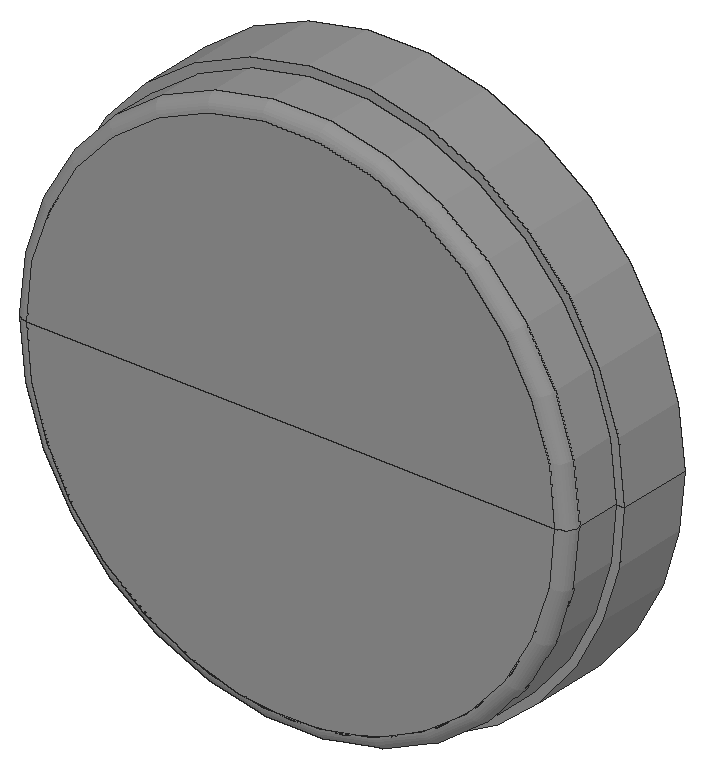
Revit family "IVLB_PML_LF_Dura 270mm WM_Plastic", category Lighting Fixtures, Revit 2019 (continued)
Types (4, lengths in mm): name | Wattage | Type Comments | built-in parameter 1150134 | Photometric Web File | built-in parameter 1150142 | built-in parameter 1150105 | Lumens | built-in parameter 1150107 | built-in parameter 1150106
  Dura-S Ø270 IP64 IK10 4-9W 450-1100lm 3000K-3500K-4000K 3-CCT | 7.40531 W | "" | 12 | "Dura-S Ø270 IP64 IK10 4-9W 450-1100lm 3000K-3500K-4000K 3-CCT.ies" | "IESNA91\r\n[MANUFAC]  Pragmalux\r\n[LUMINAIRE] LED Plafonnière Wandarmatuur Dura-S Wit Ø270 IP64 IK10 4-9W 450-1100lm 3000K-3500K-4000K 3-CCT\r\n[LAMP] 1x(LED 9W 1050lm 3000K) or 1x(LED 9W 1100lm 3500K) or 1x(LED 9W 1100lm 4000K) or 1x(LED 7W 800lm 3000K) or 1x(LED 7W 850lm 3500K) or 1x(LED 7W 850lm 4000K) or 1x(LED 6W 650lm 3000K) or 1x(LED 6W 700lm 3500K) or 1x(LED 6W 700lm 4000K) or 1x(LED 4W 450lm 3000K) or 1x(LED 4W 500lm 3500K) or 1x(LED 4W 500lm 4000K)\r\n[_CHANGED] file converted from LDT by IES Viewer 3.6 (C) Andrey Legotin\r\nTILT=NONE\r\n1 1050 1.05 181 5 1 2 0 -0.27 0\r\n1 1 9\r\n0 1 2 3 4 5 6 7 8 9 10 11 12 13 14 15 16 17 18 19 20 21 22 23 24 25 26 27 28 \r\n29 30 31 32 33 34 35 36 37 38 39 40 41 42 43 44 45 46 47 48 49 50 51 52 53 54 \r\n55 56 57 58 59 60 61 62 63 64 65 66 67 68 69 70 71 72 73 74 75 76 77 78 79 80 \r\n81 82 83 84 85 86 87 88 89 90 91 92 93 94 95 96 97 98 99 100 101 102 103 104 \r\n105 106 107 108 109 110 111 112 113 114 115 116 117 118 119 120 121 122 123 \r\n124 125 126 127 128 129 130 131 132 133 134 135 136 137 138 139 140 141 142 \r\n143 144 145 146 147 148 149 150 151 152 153 154 155 156 157 158 159 160 161 \r\n162 163 164 165 166 167 168 169 170 171 172 173 174 175 176 177 178 179 180 \r\n0 22.5 45 67.5 90 \r\n295.3 295.4 295.3 295.4 295 294.6 294.2 293.8 293.1 292.5 291.9 290.9 290.1 \r\n289.3 288.2 287 285.8 284.4 283.1 281.6 279.9 278.4 276.5 274.8 272.9 270.8 \r\n268.7 266.6 264.4 261.9 259.5 257.1 254.4 251.8 249 246.2 243.4 240.3 237.3 \r\n234 230.9 227.5 224.2 220.7 217 213.5 209.8 206 202.3 198.3 194.4 190.3 186.3 \r\n182.2 178 173.9 169.7 165.2 160.9 156.3 151.7 147.1 142.5 137.8 133.1 128.3 \r\n123.5 118.6 113.7 108.9 104 99.09 94.31 89.38 84.54 79.78 74.96 70.21 65.64 \r\n60.99 56.65 52.24 47.94 43.84 39.72 35.8 32.33 29.23 26.57 24.14 20.8 17.18 \r\n13.52 9.69 6.07 3.08 1.19 0.46 0.42 0.5 1.38 2.92 5.29 7.96 10.6 13.13 15.25 \r\n16.85 17.87 18.13 18.09 18.13 18.01 17.84 17.63 17.39 17.18 16.97 16.8 16.59 \r\n16.43 16.18 15.96 15.76 15.47 15.26 15.01 14.76 14.47 14.18 13.96 13.72 13.47 \r\n13.18 12.92 12.6 12.3 11.97 11.76 11.47 11.17 10.84 10.51 10.18 9.8 9.51 9.14 \r\n8.8 8.46 8.1 7.59 6.92 6.13 5.47 5.09 4.84 4.71 4.71 4.75 4.71 4.27 3.85 3.42 \r\n3.09 2.84 2.63 2.38 2.09 1.8 1.51 1.3 1.29 1.25 1.25 1.29 1.17 1.09 1.04 1.04 \r\n1.04 1.04 \r\n295.3 295.4 295.3 295.2 295 294.7 294.2 293.7 293.2 292.4 291.8 291 290 289.2 \r\n288 287.1 285.7 284.5 283.1 281.5 280.1 278.4 276.6 274.8 272.9 271 268.9 \r\n266.7 264.4 262.1 259.7 257.2 254.6 251.8 249.1 246.2 243.3 240.4 237.3 234 \r\n230.9 227.6 224.2 220.8 217.2 213.6 210 206.2 202.5 198.5 194.6 190.4 186.3 \r\n182.3 178.1 173.9 169.8 165.5 160.9 156.5 152 147.3 142.7 138 133.3 128.4 \r\n123.6 118.8 114 109.1 104.1 99.29 94.45 89.59 84.83 79.91 75.24 70.49 65.87 \r\n61.37 56.89 52.6 48.27 44.1 39.95 35.98 32.51 29.4 26.59 24.2 21.15 17.65 \r\n13.91 9.8 5.92 2.9 1.05 1.11 1.16 1.22 1.27 1.32 3 5.08 7.32 9.66 11.71 13.19 \r\n13.85 14.01 14.06 14.06 14.06 14.07 14.07 14.07 14.08 14.08 14.08 14.09 14.09 \r\n14.09 14.1 14.1 13.93 13.81 13.68 13.47 13.31 13.09 12.89 12.72 12.55 12.34 \r\n12.1 11.89 11.63 11.35 11.13 10.84 10.59 10.34 10.09 9.8 9.54 9.25 9 8.66 \r\n8.34 7.84 7.16 6.42 5.82 5.49 5.23 5.06 5.1 5.06 5.06 4.7 4.35 4.07 3.81 3.52 \r\n3.27 3.1 2.89 2.68 2.35 2.02 1.88 1.88 1.63 1.22 1.01 1 1 1 1 1 1 \r\n295.3 295.4 295.4 295.2 294.9 294.7 294.3 293.7 293.1 292.5 291.7 291 290 \r\n289.2 288.2 287 285.8 284.6 283.2 281.6 280 278.6 276.7 274.9 272.9 271 269 \r\n266.7 264.5 262.1 259.7 257.3 254.7 251.9 249.3 246.4 243.4 240.5 237.2 234.4 \r\n230.9 227.7 224.4 220.9 217.2 213.8 210 206.2 202.5 198.5 194.7 190.5 186.5 \r\n182.5 178.3 174.2 170 165.6 161.2 156.6 152.1 147.4 142.9 138.1 133.3 128.7 \r\n123.7 119.1 114.1 109.2 104.2 99.53 94.64 89.68 84.85 80 75.35 70.57 65.93 \r\n61.38 56.9 52.6 48.21 44.08 39.87 35.82 32.26 29 26.12 23.53 21.1 17.5 12.56 \r\n7.11 2.92 0.97 0.75 1.99 3.1 3.87 4.59 5.12 5.47 5.89 6.09 6.18 6.18 6.22 \r\n6.35 6.56 6.76 7.06 7.3 7.56 7.73 7.97 8.06 8.19 8.35 8.52 8.59 8.65 8.72 \r\n8.79 8.85 8.94 8.98 8.96 8.93 8.91 8.88 8.86 8.83 8.81 8.78 8.76 8.73 8.61 \r\n8.48 8.36 8.27 8.07 7.9 7.65 7.19 6.69 6.24 6.06 5.89 5.81 5.75 5.69 5.62 \r\n5.56 5.5 5.44 5.1 4.8 4.52 4.18 3.93 3.72 3.51 3.31 3.1 2.93 2.72 2.55 2.46 \r\n2.26 2.01 1.84 1.76 1.46 1.09 0.96 0.96 0.96 0.96 0.96 0.96 \r\n295.3 295.2 295.3 295.3 295 294.6 294.2 293.8 293.1 292.5 291.7 291 290.2 \r\n289.3 288.2 287.1 286 284.5 283.2 281.7 280.1 278.4 276.9 274.8 273 271 269 \r\n266.7 264.5 262.1 259.6 257.2 254.4 252 249.1 246.5 243.4 240.4 237.2 234 \r\n230.9 227.5 224.2 220.8 217.1 213.6 209.8 206.2 202.4 198.5 194.5 190.4 186.4 \r\n182.4 178.1 174 169.7 165.4 160.8 156.5 151.8 147.2 142.6 137.8 133.1 128.2 \r\n123.5 118.7 113.8 108.9 104 99.22 94.3 89.47 84.57 79.7 75 70.21 65.64 60.97 \r\n56.57 52.14 47.89 43.7 39.52 35.49 31.7 28.35 25.42 22.82 20.35 15.44 6.69 \r\n0.88 0.55 2.56 7.37 9.33 9.48 8.91 8.12 7.38 6.75 6.24 5.78 5.41 5.08 4.75 \r\n4.45 4.16 3.95 3.71 3.54 3.45 3.45 3.48 3.52 3.55 3.58 3.62 3.83 3.95 4.07 \r\n4.28 4.45 4.61 4.7 4.78 4.8 4.81 4.83 4.85 4.86 4.88 4.89 4.91 4.93 4.94 5.24 \r\n5.32 5.26 5.19 5.12 5.06 4.99 4.92 4.86 4.79 4.2 3.75 3.66 3.54 3.37 3.36 \r\n3.35 3.34 3.32 3.31 3.3 3.29 3.16 3 2.95 2.83 2.75 2.66 2.5 2.29 2.04 1.88 \r\n1.71 1.5 1.25 1.05 0.96 0.96 0.96 0.96 0.96 0.96 0.96 \r\n295.3 295.3 295.3 295.3 295 294.7 294.3 293.8 293.2 292.4 291.9 291.2 290.2 \r\n289.3 288.1 287.1 285.9 284.5 283.3 281.8 280.2 278.5 276.7 275 273.1 270.9 \r\n269.1 266.7 264.4 262.2 259.7 257.2 254.6 252 249.2 246.4 243.5 240.4 237.3 \r\n234.3 230.9 227.6 224.2 220.7 217.3 213.6 209.8 206.2 202.4 198.4 194.6 190.5 \r\n186.4 182.3 178.2 174.1 169.7 165.3 160.9 156.4 151.8 147.1 142.6 137.9 133 \r\n128.3 123.5 118.6 113.7 108.8 103.8 99.12 94.1 89.24 84.33 79.46 74.78 69.96 \r\n65.23 60.72 56.28 51.92 47.53 43.29 39.16 35.11 31.37 28 25.06 22.51 20.37 \r\n15.14 5.53 0.55 0.46 2.14 9.15 12.35 11.89 11.06 10.21 9.36 8.52 7.75 7.04 \r\n6.4 5.75 5.16 4.55 3.96 3.41 2.91 2.46 2.04 1.59 1.33 1.29 1.21 1.04 0.96 \r\n0.92 0.87 0.83 0.79 0.75 0.79 1.2 1.57 1.79 1.95 1.99 2 2.04 2.08 2.33 2.53 \r\n2.49 2.45 2.41 2.37 2.33 1.88 1.3 1.16 1.16 1.45 1.9 2.48 2.74 2.72 2.7 2.68 \r\n2.66 2.64 2.62 2.54 2.41 2.33 2.21 2.04 1.87 1.79 1.67 1.58 1.5 1.33 1.29 \r\n1.17 1.12 1.12 1.04 1.08 1.04 1 1 0.96 0.96 0.96 0.96 0.96 0.96 \r\n" | 309.47 (stored number, unit not read) | 1100 lm | 4000 (stored number, unit not read) | 3.0947 (stored number, unit not read)
  Dura-S Ø270 IP64 IK10 9W 2200K-2700K 2-CCT DALI | 5.55399 W | "DALI" | (empty or 0) | "Dura-S Ø270 IP64 IK10 9W 2200K-2700K 2-CCT DALI.ies" | "IESNA91\r\n[MANUFAC]  Pragmalux\r\n[LUMINAIRE] LED Plafonnière Wandarmatuur Dura-S Wit Ø270 IP64 IK10 9W 2200K-2700K 2-CCT DALI\r\n[LAMP] 1x(LED 9W 825lm 2200K) or 1x(LED 9W 1000lm 2700K)\r\n[_CHANGED] file converted from LDT by IES Viewer 3.6 (C) Andrey Legotin\r\nTILT=NONE\r\n1 825 0.825 181 5 1 2 0 -0.27 0\r\n1 1 9\r\n0 1 2 3 4 5 6 7 8 9 10 11 12 13 14 15 16 17 18 19 20 21 22 23 24 25 26 27 28 \r\n29 30 31 32 33 34 35 36 37 38 39 40 41 42 43 44 45 46 47 48 49 50 51 52 53 54 \r\n55 56 57 58 59 60 61 62 63 64 65 66 67 68 69 70 71 72 73 74 75 76 77 78 79 80 \r\n81 82 83 84 85 86 87 88 89 90 91 92 93 94 95 96 97 98 99 100 101 102 103 104 \r\n105 106 107 108 109 110 111 112 113 114 115 116 117 118 119 120 121 122 123 \r\n124 125 126 127 128 129 130 131 132 133 134 135 136 137 138 139 140 141 142 \r\n143 144 145 146 147 148 149 150 151 152 153 154 155 156 157 158 159 160 161 \r\n162 163 164 165 166 167 168 169 170 171 172 173 174 175 176 177 178 179 180 \r\n0 22.5 45 67.5 90 \r\n295.3 295.4 295.3 295.4 295 294.6 294.2 293.8 293.1 292.5 291.9 290.9 290.1 \r\n289.3 288.2 287 285.8 284.4 283.1 281.6 279.9 278.4 276.5 274.8 272.9 270.8 \r\n268.7 266.6 264.4 261.9 259.5 257.1 254.4 251.8 249 246.2 243.4 240.3 237.3 \r\n234 230.9 227.5 224.2 220.7 217 213.5 209.8 206 202.3 198.3 194.4 190.3 186.3 \r\n182.2 178 173.9 169.7 165.2 160.9 156.3 151.7 147.1 142.5 137.8 133.1 128.3 \r\n123.5 118.6 113.7 108.9 104 99.09 94.31 89.38 84.54 79.78 74.96 70.21 65.64 \r\n60.99 56.65 52.24 47.94 43.84 39.72 35.8 32.33 29.23 26.57 24.14 20.8 17.18 \r\n13.52 9.69 6.07 3.08 1.19 0.46 0.42 0.5 1.38 2.92 5.29 7.96 10.6 13.13 15.25 \r\n16.85 17.87 18.13 18.09 18.13 18.01 17.84 17.63 17.39 17.18 16.97 16.8 16.59 \r\n16.43 16.18 15.96 15.76 15.47 15.26 15.01 14.76 14.47 14.18 13.96 13.72 13.47 \r\n13.18 12.92 12.6 12.3 11.97 11.76 11.47 11.17 10.84 10.51 10.18 9.8 9.51 9.14 \r\n8.8 8.46 8.1 7.59 6.92 6.13 5.47 5.09 4.84 4.71 4.71 4.75 4.71 4.27 3.85 3.42 \r\n3.09 2.84 2.63 2.38 2.09 1.8 1.51 1.3 1.29 1.25 1.25 1.29 1.17 1.09 1.04 1.04 \r\n1.04 1.04 \r\n295.3 295.4 295.3 295.2 295 294.7 294.2 293.7 293.2 292.4 291.8 291 290 289.2 \r\n288 287.1 285.7 284.5 283.1 281.5 280.1 278.4 276.6 274.8 272.9 271 268.9 \r\n266.7 264.4 262.1 259.7 257.2 254.6 251.8 249.1 246.2 243.3 240.4 237.3 234 \r\n230.9 227.6 224.2 220.8 217.2 213.6 210 206.2 202.5 198.5 194.6 190.4 186.3 \r\n182.3 178.1 173.9 169.8 165.5 160.9 156.5 152 147.3 142.7 138 133.3 128.4 \r\n123.6 118.8 114 109.1 104.1 99.29 94.45 89.59 84.83 79.91 75.24 70.49 65.87 \r\n61.37 56.89 52.6 48.27 44.1 39.95 35.98 32.51 29.4 26.59 24.2 21.15 17.65 \r\n13.91 9.8 5.92 2.9 1.05 1.11 1.16 1.22 1.27 1.32 3 5.08 7.32 9.66 11.71 13.19 \r\n13.85 14.01 14.06 14.06 14.06 14.07 14.07 14.07 14.08 14.08 14.08 14.09 14.09 \r\n14.09 14.1 14.1 13.93 13.81 13.68 13.47 13.31 13.09 12.89 12.72 12.55 12.34 \r\n12.1 11.89 11.63 11.35 11.13 10.84 10.59 10.34 10.09 9.8 9.54 9.25 9 8.66 \r\n8.34 7.84 7.16 6.42 5.82 5.49 5.23 5.06 5.1 5.06 5.06 4.7 4.35 4.07 3.81 3.52 \r\n3.27 3.1 2.89 2.68 2.35 2.02 1.88 1.88 1.63 1.22 1.01 1 1 1 1 1 1 \r\n295.3 295.4 295.4 295.2 294.9 294.7 294.3 293.7 293.1 292.5 291.7 291 290 \r\n289.2 288.2 287 285.8 284.6 283.2 281.6 280 278.6 276.7 274.9 272.9 271 269 \r\n266.7 264.5 262.1 259.7 257.3 254.7 251.9 249.3 246.4 243.4 240.5 237.2 234.4 \r\n230.9 227.7 224.4 220.9 217.2 213.8 210 206.2 202.5 198.5 194.7 190.5 186.5 \r\n182.5 178.3 174.2 170 165.6 161.2 156.6 152.1 147.4 142.9 138.1 133.3 128.7 \r\n123.7 119.1 114.1 109.2 104.2 99.53 94.64 89.68 84.85 80 75.35 70.57 65.93 \r\n61.38 56.9 52.6 48.21 44.08 39.87 35.82 32.26 29 26.12 23.53 21.1 17.5 12.56 \r\n7.11 2.92 0.97 0.75 1.99 3.1 3.87 4.59 5.12 5.47 5.89 6.09 6.18 6.18 6.22 \r\n6.35 6.56 6.76 7.06 7.3 7.56 7.73 7.97 8.06 8.19 8.35 8.52 8.59 8.65 8.72 \r\n8.79 8.85 8.94 8.98 8.96 8.93 8.91 8.88 8.86 8.83 8.81 8.78 8.76 8.73 8.61 \r\n8.48 8.36 8.27 8.07 7.9 7.65 7.19 6.69 6.24 6.06 5.89 5.81 5.75 5.69 5.62 \r\n5.56 5.5 5.44 5.1 4.8 4.52 4.18 3.93 3.72 3.51 3.31 3.1 2.93 2.72 2.55 2.46 \r\n2.26 2.01 1.84 1.76 1.46 1.09 0.96 0.96 0.96 0.96 0.96 0.96 \r\n295.3 295.2 295.3 295.3 295 294.6 294.2 293.8 293.1 292.5 291.7 291 290.2 \r\n289.3 288.2 287.1 286 284.5 283.2 281.7 280.1 278.4 276.9 274.8 273 271 269 \r\n266.7 264.5 262.1 259.6 257.2 254.4 252 249.1 246.5 243.4 240.4 237.2 234 \r\n230.9 227.5 224.2 220.8 217.1 213.6 209.8 206.2 202.4 198.5 194.5 190.4 186.4 \r\n182.4 178.1 174 169.7 165.4 160.8 156.5 151.8 147.2 142.6 137.8 133.1 128.2 \r\n123.5 118.7 113.8 108.9 104 99.22 94.3 89.47 84.57 79.7 75 70.21 65.64 60.97 \r\n56.57 52.14 47.89 43.7 39.52 35.49 31.7 28.35 25.42 22.82 20.35 15.44 6.69 \r\n0.88 0.55 2.56 7.37 9.33 9.48 8.91 8.12 7.38 6.75 6.24 5.78 5.41 5.08 4.75 \r\n4.45 4.16 3.95 3.71 3.54 3.45 3.45 3.48 3.52 3.55 3.58 3.62 3.83 3.95 4.07 \r\n4.28 4.45 4.61 4.7 4.78 4.8 4.81 4.83 4.85 4.86 4.88 4.89 4.91 4.93 4.94 5.24 \r\n5.32 5.26 5.19 5.12 5.06 4.99 4.92 4.86 4.79 4.2 3.75 3.66 3.54 3.37 3.36 \r\n3.35 3.34 3.32 3.31 3.3 3.29 3.16 3 2.95 2.83 2.75 2.66 2.5 2.29 2.04 1.88 \r\n1.71 1.5 1.25 1.05 0.96 0.96 0.96 0.96 0.96 0.96 0.96 \r\n295.3 295.3 295.3 295.3 295 294.7 294.3 293.8 293.2 292.4 291.9 291.2 290.2 \r\n289.3 288.1 287.1 285.9 284.5 283.3 281.8 280.2 278.5 276.7 275 273.1 270.9 \r\n269.1 266.7 264.4 262.2 259.7 257.2 254.6 252 249.2 246.4 243.5 240.4 237.3 \r\n234.3 230.9 227.6 224.2 220.7 217.3 213.6 209.8 206.2 202.4 198.4 194.6 190.5 \r\n186.4 182.3 178.2 174.1 169.7 165.3 160.9 156.4 151.8 147.1 142.6 137.9 133 \r\n128.3 123.5 118.6 113.7 108.8 103.8 99.12 94.1 89.24 84.33 79.46 74.78 69.96 \r\n65.23 60.72 56.28 51.92 47.53 43.29 39.16 35.11 31.37 28 25.06 22.51 20.37 \r\n15.14 5.53 0.55 0.46 2.14 9.15 12.35 11.89 11.06 10.21 9.36 8.52 7.75 7.04 \r\n6.4 5.75 5.16 4.55 3.96 3.41 2.91 2.46 2.04 1.59 1.33 1.29 1.21 1.04 0.96 \r\n0.92 0.87 0.83 0.79 0.75 0.79 1.2 1.57 1.79 1.95 1.99 2 2.04 2.08 2.33 2.53 \r\n2.49 2.45 2.41 2.37 2.33 1.88 1.3 1.16 1.16 1.45 1.9 2.48 2.74 2.72 2.7 2.68 \r\n2.66 2.64 2.62 2.54 2.41 2.33 2.21 2.04 1.87 1.79 1.67 1.58 1.5 1.33 1.29 \r\n1.17 1.12 1.12 1.04 1.08 1.04 1 1 0.96 0.96 0.96 0.96 0.96 0.96 \r\n" | 295.4 (stored number, unit not read) | 825 lm | 2700 (stored number, unit not read) | 2.954 (stored number, unit not read)
  Dura-S Ø270 IP64 IK10 9W 3000K-3500K-4000K 3-CCT DALI | 7.06871 W | "" | 12 | "Dura-S Ø270 IP64 IK10 9W 3000K-3500K-4000K 3-CCT DALI.ies" | "IESNA91\r\n[MANUFAC]  Pragmalux\r\n[LUMINAIRE] LED Plafonnière Wandarmatuur Dura-S Wit Ø270 IP64 IK10 9W 3000K-3500K-4000K 3-CCT DALI\r\n[LAMP] 1x(LED 9W 1050lm 3000K) or 1x(LED 9W 1100lm 3500K) or 1x(LED 9W 1100lm 4000K)\r\n[_CHANGED] file converted from LDT by IES Viewer 3.6 (C) Andrey Legotin\r\nTILT=NONE\r\n1 1050 1.05 181 5 1 2 0 -0.27 0\r\n1 1 9\r\n0 1 2 3 4 5 6 7 8 9 10 11 12 13 14 15 16 17 18 19 20 21 22 23 24 25 26 27 28 \r\n29 30 31 32 33 34 35 36 37 38 39 40 41 42 43 44 45 46 47 48 49 50 51 52 53 54 \r\n55 56 57 58 59 60 61 62 63 64 65 66 67 68 69 70 71 72 73 74 75 76 77 78 79 80 \r\n81 82 83 84 85 86 87 88 89 90 91 92 93 94 95 96 97 98 99 100 101 102 103 104 \r\n105 106 107 108 109 110 111 112 113 114 115 116 117 118 119 120 121 122 123 \r\n124 125 126 127 128 129 130 131 132 133 134 135 136 137 138 139 140 141 142 \r\n143 144 145 146 147 148 149 150 151 152 153 154 155 156 157 158 159 160 161 \r\n162 163 164 165 166 167 168 169 170 171 172 173 174 175 176 177 178 179 180 \r\n0 22.5 45 67.5 90 \r\n295.3 295.4 295.3 295.4 295 294.6 294.2 293.8 293.1 292.5 291.9 290.9 290.1 \r\n289.3 288.2 287 285.8 284.4 283.1 281.6 279.9 278.4 276.5 274.8 272.9 270.8 \r\n268.7 266.6 264.4 261.9 259.5 257.1 254.4 251.8 249 246.2 243.4 240.3 237.3 \r\n234 230.9 227.5 224.2 220.7 217 213.5 209.8 206 202.3 198.3 194.4 190.3 186.3 \r\n182.2 178 173.9 169.7 165.2 160.9 156.3 151.7 147.1 142.5 137.8 133.1 128.3 \r\n123.5 118.6 113.7 108.9 104 99.09 94.31 89.38 84.54 79.78 74.96 70.21 65.64 \r\n60.99 56.65 52.24 47.94 43.84 39.72 35.8 32.33 29.23 26.57 24.14 20.8 17.18 \r\n13.52 9.69 6.07 3.08 1.19 0.46 0.42 0.5 1.38 2.92 5.29 7.96 10.6 13.13 15.25 \r\n16.85 17.87 18.13 18.09 18.13 18.01 17.84 17.63 17.39 17.18 16.97 16.8 16.59 \r\n16.43 16.18 15.96 15.76 15.47 15.26 15.01 14.76 14.47 14.18 13.96 13.72 13.47 \r\n13.18 12.92 12.6 12.3 11.97 11.76 11.47 11.17 10.84 10.51 10.18 9.8 9.51 9.14 \r\n8.8 8.46 8.1 7.59 6.92 6.13 5.47 5.09 4.84 4.71 4.71 4.75 4.71 4.27 3.85 3.42 \r\n3.09 2.84 2.63 2.38 2.09 1.8 1.51 1.3 1.29 1.25 1.25 1.29 1.17 1.09 1.04 1.04 \r\n1.04 1.04 \r\n295.3 295.4 295.3 295.2 295 294.7 294.2 293.7 293.2 292.4 291.8 291 290 289.2 \r\n288 287.1 285.7 284.5 283.1 281.5 280.1 278.4 276.6 274.8 272.9 271 268.9 \r\n266.7 264.4 262.1 259.7 257.2 254.6 251.8 249.1 246.2 243.3 240.4 237.3 234 \r\n230.9 227.6 224.2 220.8 217.2 213.6 210 206.2 202.5 198.5 194.6 190.4 186.3 \r\n182.3 178.1 173.9 169.8 165.5 160.9 156.5 152 147.3 142.7 138 133.3 128.4 \r\n123.6 118.8 114 109.1 104.1 99.29 94.45 89.59 84.83 79.91 75.24 70.49 65.87 \r\n61.37 56.89 52.6 48.27 44.1 39.95 35.98 32.51 29.4 26.59 24.2 21.15 17.65 \r\n13.91 9.8 5.92 2.9 1.05 1.11 1.16 1.22 1.27 1.32 3 5.08 7.32 9.66 11.71 13.19 \r\n13.85 14.01 14.06 14.06 14.06 14.07 14.07 14.07 14.08 14.08 14.08 14.09 14.09 \r\n14.09 14.1 14.1 13.93 13.81 13.68 13.47 13.31 13.09 12.89 12.72 12.55 12.34 \r\n12.1 11.89 11.63 11.35 11.13 10.84 10.59 10.34 10.09 9.8 9.54 9.25 9 8.66 \r\n8.34 7.84 7.16 6.42 5.82 5.49 5.23 5.06 5.1 5.06 5.06 4.7 4.35 4.07 3.81 3.52 \r\n3.27 3.1 2.89 2.68 2.35 2.02 1.88 1.88 1.63 1.22 1.01 1 1 1 1 1 1 \r\n295.3 295.4 295.4 295.2 294.9 294.7 294.3 293.7 293.1 292.5 291.7 291 290 \r\n289.2 288.2 287 285.8 284.6 283.2 281.6 280 278.6 276.7 274.9 272.9 271 269 \r\n266.7 264.5 262.1 259.7 257.3 254.7 251.9 249.3 246.4 243.4 240.5 237.2 234.4 \r\n230.9 227.7 224.4 220.9 217.2 213.8 210 206.2 202.5 198.5 194.7 190.5 186.5 \r\n182.5 178.3 174.2 170 165.6 161.2 156.6 152.1 147.4 142.9 138.1 133.3 128.7 \r\n123.7 119.1 114.1 109.2 104.2 99.53 94.64 89.68 84.85 80 75.35 70.57 65.93 \r\n61.38 56.9 52.6 48.21 44.08 39.87 35.82 32.26 29 26.12 23.53 21.1 17.5 12.56 \r\n7.11 2.92 0.97 0.75 1.99 3.1 3.87 4.59 5.12 5.47 5.89 6.09 6.18 6.18 6.22 \r\n6.35 6.56 6.76 7.06 7.3 7.56 7.73 7.97 8.06 8.19 8.35 8.52 8.59 8.65 8.72 \r\n8.79 8.85 8.94 8.98 8.96 8.93 8.91 8.88 8.86 8.83 8.81 8.78 8.76 8.73 8.61 \r\n8.48 8.36 8.27 8.07 7.9 7.65 7.19 6.69 6.24 6.06 5.89 5.81 5.75 5.69 5.62 \r\n5.56 5.5 5.44 5.1 4.8 4.52 4.18 3.93 3.72 3.51 3.31 3.1 2.93 2.72 2.55 2.46 \r\n2.26 2.01 1.84 1.76 1.46 1.09 0.96 0.96 0.96 0.96 0.96 0.96 \r\n295.3 295.2 295.3 295.3 295 294.6 294.2 293.8 293.1 292.5 291.7 291 290.2 \r\n289.3 288.2 287.1 286 284.5 283.2 281.7 280.1 278.4 276.9 274.8 273 271 269 \r\n266.7 264.5 262.1 259.6 257.2 254.4 252 249.1 246.5 243.4 240.4 237.2 234 \r\n230.9 227.5 224.2 220.8 217.1 213.6 209.8 206.2 202.4 198.5 194.5 190.4 186.4 \r\n182.4 178.1 174 169.7 165.4 160.8 156.5 151.8 147.2 142.6 137.8 133.1 128.2 \r\n123.5 118.7 113.8 108.9 104 99.22 94.3 89.47 84.57 79.7 75 70.21 65.64 60.97 \r\n56.57 52.14 47.89 43.7 39.52 35.49 31.7 28.35 25.42 22.82 20.35 15.44 6.69 \r\n0.88 0.55 2.56 7.37 9.33 9.48 8.91 8.12 7.38 6.75 6.24 5.78 5.41 5.08 4.75 \r\n4.45 4.16 3.95 3.71 3.54 3.45 3.45 3.48 3.52 3.55 3.58 3.62 3.83 3.95 4.07 \r\n4.28 4.45 4.61 4.7 4.78 4.8 4.81 4.83 4.85 4.86 4.88 4.89 4.91 4.93 4.94 5.24 \r\n5.32 5.26 5.19 5.12 5.06 4.99 4.92 4.86 4.79 4.2 3.75 3.66 3.54 3.37 3.36 \r\n3.35 3.34 3.32 3.31 3.3 3.29 3.16 3 2.95 2.83 2.75 2.66 2.5 2.29 2.04 1.88 \r\n1.71 1.5 1.25 1.05 0.96 0.96 0.96 0.96 0.96 0.96 0.96 \r\n295.3 295.3 295.3 295.3 295 294.7 294.3 293.8 293.2 292.4 291.9 291.2 290.2 \r\n289.3 288.1 287.1 285.9 284.5 283.3 281.8 280.2 278.5 276.7 275 273.1 270.9 \r\n269.1 266.7 264.4 262.2 259.7 257.2 254.6 252 249.2 246.4 243.5 240.4 237.3 \r\n234.3 230.9 227.6 224.2 220.7 217.3 213.6 209.8 206.2 202.4 198.4 194.6 190.5 \r\n186.4 182.3 178.2 174.1 169.7 165.3 160.9 156.4 151.8 147.1 142.6 137.9 133 \r\n128.3 123.5 118.6 113.7 108.8 103.8 99.12 94.1 89.24 84.33 79.46 74.78 69.96 \r\n65.23 60.72 56.28 51.92 47.53 43.29 39.16 35.11 31.37 28 25.06 22.51 20.37 \r\n15.14 5.53 0.55 0.46 2.14 9.15 12.35 11.89 11.06 10.21 9.36 8.52 7.75 7.04 \r\n6.4 5.75 5.16 4.55 3.96 3.41 2.91 2.46 2.04 1.59 1.33 1.29 1.21 1.04 0.96 \r\n0.92 0.87 0.83 0.79 0.75 0.79 1.2 1.57 1.79 1.95 1.99 2 2.04 2.08 2.33 2.53 \r\n2.49 2.45 2.41 2.37 2.33 1.88 1.3 1.16 1.16 1.45 1.9 2.48 2.74 2.72 2.7 2.68 \r\n2.66 2.64 2.62 2.54 2.41 2.33 2.21 2.04 1.87 1.79 1.67 1.58 1.5 1.33 1.29 \r\n1.17 1.12 1.12 1.04 1.08 1.04 1 1 0.96 0.96 0.96 0.96 0.96 0.96 \r\n" | 295.4 (stored number, unit not read) | 1050 lm | 4000 (stored number, unit not read) | 2.954 (stored number, unit not read)
